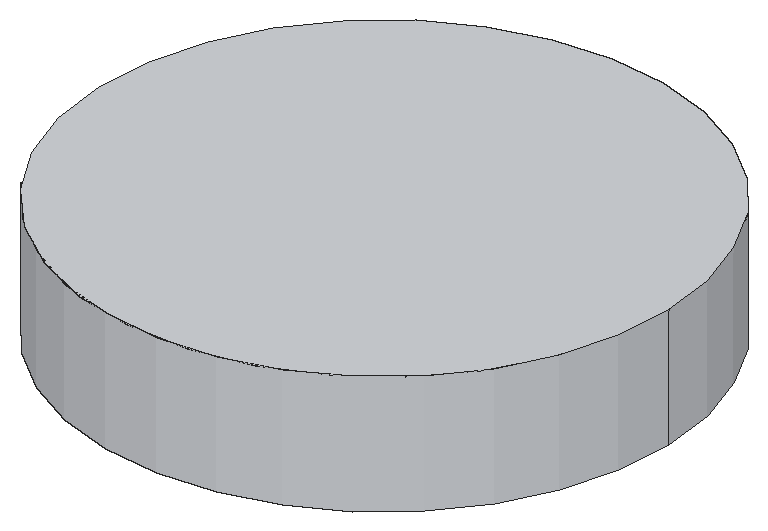
Revit family "WC OPTION_RFA", category Aparatos sanitarios, Revit 2021
Family settings
  Cota de conector redondo = Diámetro de uso
  Tipo de pieza = Normal
  Número OmniClass = 23.45.00.00
  Título OmniClass = Sanitary, Laundry, and Cleaning Equipment
  Se basa en plano de trabajo = No
  Siempre vertical = Sí
  Corte con vacíos al cargar = No
  Compartido = No
  Punto de cálculo de habitación = No
Parameters (values of type "WC OPTION")
  URL = "https://www.helvex.com.mx//productos/modelo/wc-taza-tanque-option-elongado-trampa-expuesta"
  Imagen de tipo = WC OPTION.jpg
  Elevación por defecto = 0"
  Comentarios de tipo = "Ceramic"
  Total Width = 15"
  Total Length = 26.7"
  Total Height = 31.6"
  Modelo = "WC OPTION"
  Min. Working Pressure = 3.5 psi
  Maximum Consumption = "1.20 gpf"
  Max. Working Pressure = 85.34 psi
  Fabricante = "HELVEX"
  Instructive = "https://www.helvex.com.mx//productos/modelo/wc-taza-tanque-option-elongado-trampa-expuesta"
  Inlet Threads = "Feeding: Ø15/16\" - 14 NS - 1;  Flush: Couple With Sanitary Flange"
  High Gloss Ceramic = High Gloss Ceramic
  Features = "Sleek Ergonomic Design; Maximum Efficiency; Flat Base; Sturdy Built; Premium Quality High Gloss (A); Exposed Glazed Trapway; Siphon Action Jetted Bowl; Optimum Water Surface; Certified Intake And Flushing Valves; Silent Intake Valve; Sealed Flushing Valve; Flush Valve With Seal; Setting Kit Included; 5-Yr Warranty In Iron Fittings; Saves On Water Consumption; Less Than 1 gpf Consumption"
  Descripción = "WC TAZA Y TANQUE OPTION, TRAMPA EXPUESTA, ELONGADO, PARA ESPACIOS REDUCIDOS, SIN ASIENTO"
  Data Sheet = "https://www.helvex.com.mx//productos/modelo/wc-taza-tanque-option-elongado-trampa-expuesta"
  Compliance = "NOM-009-CONAGUA-2001"
  Certification = "https://www.helvex.com.mx//productos/modelo/wc-taza-tanque-option-elongado-trampa-expuesta"
Types (3): name | URL | Imagen de tipo | Total Width | Total Length | Total Height | Modelo | Maximum Consumption | Instructive | Descripción | Data Sheet | Certification
  (no name) | "https://www.helvex.com.mx//productos/modelo/wc-taza-tanque-option-elongado-trampa-expuesta" | WC OPTION.jpg | 15" | 26.7" | 31.6" | "WC OPTION" | "1.20 gpf" | "https://www.helvex.com.mx//productos/modelo/wc-taza-tanque-option-elongado-trampa-expuesta" | "WC TAZA Y TANQUE OPTION, TRAMPA EXPUESTA, ELONGADO, PARA ESPACIOS REDUCIDOS, SIN ASIENTO" | "https://www.helvex.com.mx//productos/modelo/wc-taza-tanque-option-elongado-trampa-expuesta" | "https://www.helvex.com.mx//productos/modelo/wc-taza-tanque-option-elongado-trampa-expuesta"
  TTR | "http://helvex.com/contenido.php?producto=806" | <Ninguno> | 14.8" | 26.4" | 29.5" | "TTR" | "1.00 gpf" | "http://helvex.com/productos/instructivos/TTR.pdf" | "1 gpf Olimpia Discharge Spaces Reduced Ecological With Exposed Trapway" | "http://helvex.com/productos/fichas/TTR.pdf" | "http://helvex.com/productos/vistas/TTR.pdf"
  WC OPTION | "https://www.helvex.com.mx//productos/modelo/wc-taza-tanque-option-elongado-trampa-expuesta" | WC OPTION.jpg | 15" | 26.7" | 31.6" | "WC OPTION" | "1.20 gpf" | "https://www.helvex.com.mx//productos/modelo/wc-taza-tanque-option-elongado-trampa-expuesta" | "WC TAZA Y TANQUE OPTION, TRAMPA EXPUESTA, ELONGADO, PARA ESPACIOS REDUCIDOS, SIN ASIENTO" | "https://www.helvex.com.mx//productos/modelo/wc-taza-tanque-option-elongado-trampa-expuesta" | "https://www.helvex.com.mx//productos/modelo/wc-taza-tanque-option-elongado-trampa-expuesta"
Reference planes (in)
  plane 1 "Center (Front/Back)": y = 0
  plane 2: z = 0
  plane 3 "Center (Left/Right)": x = 0
  plane 4: y = -12
Forms (in)
  Extrusion 1, solid
    sketch origin (0, -12, 0) x (1, 0, 0) y (0, 1, 0)
      loop
        circle (0, 0) r 2
    from 0 to 0.85097
Dimensions and locks (in)
  locked: plane 4 to plane 1 "Center (Front/Back)" at 12  (x2)
  aligned and locked: level to plane 2
Connectors (in)
  piping at (0, -12, 0), diameter 4
    settings: on Extrusion 1, index 1, connector inside diameter 609.6 mm, connector length 0", flow factor 0, pipe flow 0.0 GPM, pressure drop 0.0 psi, fitting loss kfactor 0, connector angle 0.00°, fixture units 0, engagement length 0", angle of deflection 0.00°, flow configuration 2, flow direction 2, fitting loss method 0, system type 16, joint type 0, gender type 0, connector reference index -1, connector utility 0, adjustable connector no, is connector primary yes, connector description ""
